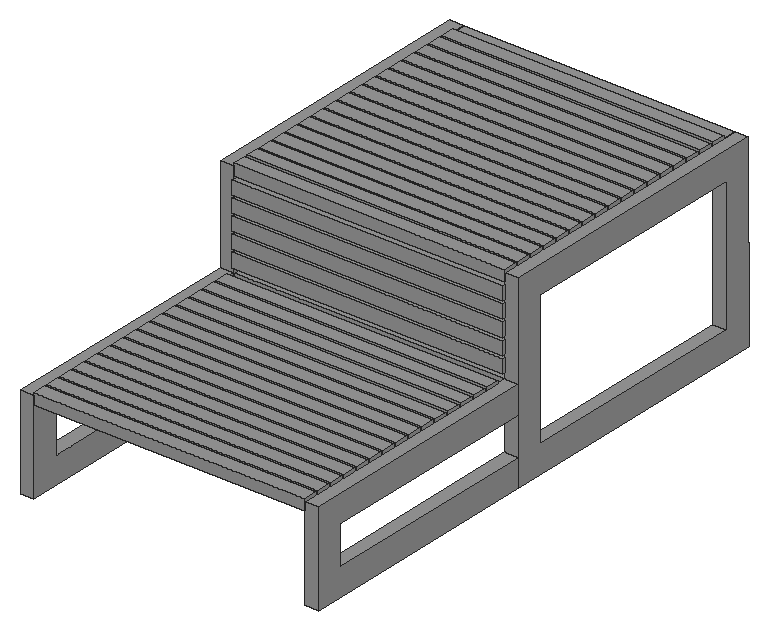
Revit family "Секция-ступень для трибуны 3-х ярусной Арт 30390", category Антураж, Revit 2018
Family settings
  На основе рабочей плоскости = Нет
  Всегда вертикально = Да
  При загрузке вырезать с полостями = Нет
  Источник визуального образа = Геометрия семейства
  Общий = Нет
  Точка расчета площади = Нет
Parameters (values of type "Секция-ступень для трибуны 3-х ярусной")
  Ширина = 1984 mm  # constant formula
  Цвет ступений = Дерево
  Цвет опор = Сталь
  Описание = "Секция-ступень для трибуны 3-х ярусной"  # constant formula
  Материал изделия = "Сталь, дерево"  # constant formula
  Изображение типоразмера = Секция-ступень для трибуны 3-х ярусной Арт 30390.jpg
  Изготовитель = "ООО «Хоббика»"  # constant formula
  Длина = 1100 mm  # constant formula
  Группа модели = "Мобильные и стационарные трибуны"  # constant formula
  Высота = 704 mm  # constant formula
  Артикул товара = "Арт. 30390"  # constant formula
  URL = "https://hobbyka.ru/product/skameyka_sektsiyastupen_dlya_tribuny_3kh_yarusnoy/"
Reference planes
  plane 1 "По центру (Вперед/Назад)": y = 0
  plane 2: z = 0
  plane 3 "По центру (Влево/Вправо)": x = 0
  plane 4: x = 1100
  plane 5: y = 1984
  plane 6: z = 704
Forms (mm)
  Extrusion 1, solid, material "Сталь" <- "Цвет опор"
    sketch origin (0, 0, 0) x (0, 1, 0) y (0, 0, 1)
      loop
        line (1984, 694) -> (924, 694) -> (924, 0) -> (1984, 0) -> (1984, 694)
      loop
        line (1884, 594) -> (1024, 594) -> (1024, 100) -> (1884, 100) -> (1884, 594)
    from 0 to 50
  Extrusion 2, solid, material "Сталь" <- "Цвет опор"
    sketch origin (0, 0, 0) x (0, 1, 0) y (0, 0, 1)
      loop
        line (924, 342) -> (0, 342) -> (0, 0) -> (924, 0) -> (924, 100) -> (100, 100) -> (100, 242) -> (924, 242) -> (924, 342)
    from 0 to 50
  Extrusion 3, solid, material "Сталь" <- "Цвет опор"
    sketch origin (0, 0, 0) x (0, 1, 0) y (0, 0, 1)
      loop
        line (1984, 694) -> (924, 694) -> (924, 0) -> (1984, 0) -> (1984, 694)
      loop
        line (1884, 594) -> (1024, 594) -> (1024, 100) -> (1884, 100) -> (1884, 594)
    from 1050 to 1100
  Extrusion 4, solid, material "Сталь" <- "Цвет опор"
    sketch origin (0, 0, 0) x (0, 1, 0) y (0, 0, 1)
      loop
        line (924, 342) -> (0, 342) -> (0, 0) -> (924, 0) -> (924, 100) -> (100, 100) -> (100, 242) -> (924, 242) -> (924, 342)
    from 1050 to 1100
  Extrusion 5, solid, material "Сталь" <- "Цвет опор"
    sketch origin (0, 0, -10) x (0, 1, 0) y (0, 0, 1)
      loop
        line (1934, 604) -> (1984, 604) -> (1984, 704) -> (1934, 704) -> (1934, 604)
      loop
        line (924, 352) -> (924, 252) -> (974, 252) -> (974, 352) -> (924, 352)
    from 50 to 1050
  Extrusion 6, solid, material "Дерево" <- "Цвет ступений"
    sketch origin (0, 0, 0) x (0, 1, 0) y (0, 0, 1)
      loop
        line (924, 704) -> (924, 664) -> (974, 664) -> (974, 704) -> (924, 704)
      loop
        line (984, 704) -> (984, 664) -> (1034, 664) -> (1034, 704) -> (984, 704)
      loop
        line (1044, 704) -> (1044, 664) -> (1094, 664) -> (1094, 704) -> (1044, 704)
      loop
        line (1104, 704) -> (1104, 664) -> (1154, 664) -> (1154, 704) -> (1104, 704)
      loop
        line (1164, 704) -> (1164, 664) -> (1214, 664) -> (1214, 704) -> (1164, 704)
      loop
        line (1224, 704) -> (1224, 664) -> (1274, 664) -> (1274, 704) -> (1224, 704)
      loop
        line (1284, 704) -> (1284, 664) -> (1334, 664) -> (1334, 704) -> (1284, 704)
      loop
        line (1344, 704) -> (1344, 664) -> (1394, 664) -> (1394, 704) -> (1344, 704)
      loop
        line (1404, 704) -> (1404, 664) -> (1454, 664) -> (1454, 704) -> (1404, 704)
      loop
        line (1464, 704) -> (1464, 664) -> (1514, 664) -> (1514, 704) -> (1464, 704)
      loop
        line (1524, 704) -> (1524, 664) -> (1574, 664) -> (1574, 704) -> (1524, 704)
      loop
        line (1584, 704) -> (1584, 664) -> (1634, 664) -> (1634, 704) -> (1584, 704)
      loop
        line (1644, 704) -> (1644, 664) -> (1694, 664) -> (1694, 704) -> (1644, 704)
      loop
        line (1704, 704) -> (1704, 664) -> (1754, 664) -> (1754, 704) -> (1704, 704)
      loop
        line (1764, 704) -> (1764, 664) -> (1814, 664) -> (1814, 704) -> (1764, 704)
      loop
        line (1824, 704) -> (1824, 664) -> (1874, 664) -> (1874, 704) -> (1824, 704)
      loop
        line (1884, 704) -> (1884, 664) -> (1934, 664) -> (1934, 704) -> (1884, 704)
      loop
        line (0, 352) -> (0, 312) -> (50, 312) -> (50, 352) -> (0, 352)
      loop
        line (60, 352) -> (60, 312) -> (110, 312) -> (110, 352) -> (60, 352)
      loop
        line (120, 352) -> (120, 312) -> (170, 312) -> (170, 352) -> (120, 352)
      loop
        line (180, 352) -> (180, 312) -> (230, 312) -> (230, 352) -> (180, 352)
      loop
        line (240, 352) -> (240, 312) -> (290, 312) -> (290, 352) -> (240, 352)
      loop
        line (300, 352) -> (300, 312) -> (350, 312) -> (350, 352) -> (300, 352)
      loop
        line (360, 352) -> (360, 312) -> (410, 312) -> (410, 352) -> (360, 352)
      loop
        line (420, 352) -> (420, 312) -> (470, 312) -> (470, 352) -> (420, 352)
      loop
        line (480, 352) -> (480, 312) -> (530, 312) -> (530, 352) -> (480, 352)
      loop
        line (540, 352) -> (540, 312) -> (590, 312) -> (590, 352) -> (540, 352)
      loop
        line (600, 352) -> (600, 312) -> (650, 312) -> (650, 352) -> (600, 352)
      loop
        line (660, 352) -> (660, 312) -> (710, 312) -> (710, 352) -> (660, 352)
      loop
        line (720, 352) -> (720, 312) -> (770, 312) -> (770, 352) -> (720, 352)
      loop
        line (780, 352) -> (780, 312) -> (830, 312) -> (830, 352) -> (780, 352)
      loop
        line (840, 352) -> (840, 312) -> (890, 312) -> (890, 352) -> (840, 352)
      loop
        line (914, 604) -> (954, 604) -> (954, 654) -> (914, 654) -> (914, 604)
      loop
        line (914, 544) -> (954, 544) -> (954, 594) -> (914, 594) -> (914, 544)
      loop
        line (914, 484) -> (954, 484) -> (954, 534) -> (914, 534) -> (914, 484)
      loop
        line (914, 424) -> (954, 424) -> (954, 474) -> (914, 474) -> (914, 424)
      loop
        line (914, 364) -> (954, 364) -> (954, 414) -> (914, 414) -> (914, 364)
    from 50 to 1050
Dimensions and locks
  "Ширина": plane 5 to plane 1 "По центру (Вперед/Назад)"
  "Длина": plane 3 "По центру (Влево/Вправо)" to plane 4
  "Высота": plane 6 to plane 2
  Extrusion 5 to Extrusion 1 = 1010 mm
  aligned and locked: level to plane 2
Automatic sketch dimensions
  Extrusion 1 sketch curve to plane 6 = 10 mm
  Extrusion 1 sketch curve to level = 0 mm
  Extrusion 1 sketch curve to plane 5 = 0 mm
  Extrusion 1 sketch curve to plane 5 = 100 mm
  Extrusion 1 sketch curve to plane 6 = 110 mm
  Extrusion 1 sketch curve to Extrusion 1 sketch curve = 860 mm
  Extrusion 1 sketch curve to Extrusion 1 sketch curve = 100 mm
  level to Extrusion 1 sketch curve = 100 mm
  Extrusion 2 sketch curve to plane 1 "По центру (Вперед/Назад)" = 0 mm
  Extrusion 2 sketch curve to level = 0 mm
  Extrusion 2 sketch curve to plane 1 "По центру (Вперед/Назад)" = 100 mm
  level to Extrusion 2 sketch curve = 242 mm
  Extrusion 2 sketch curve to Extrusion 2 sketch curve = 824 mm
  Extrusion 2 sketch curve to Extrusion 2 sketch curve = 0 mm
  level to Extrusion 2 sketch curve = 100 mm
  Extrusion 2 sketch curve to Extrusion 2 sketch curve = 100 mm
  Extrusion 3 sketch curve to plane 6 = 10 mm
  Extrusion 3 sketch curve to level = 0 mm
  Extrusion 3 sketch curve to plane 5 = 0 mm
  Extrusion 3 sketch curve to plane 5 = 100 mm
  Extrusion 3 sketch curve to plane 6 = 110 mm
  Extrusion 3 sketch curve to Extrusion 3 sketch curve = 860 mm
  Extrusion 3 sketch curve to Extrusion 3 sketch curve = 100 mm
  level to Extrusion 3 sketch curve = 100 mm
  Extrusion 4 sketch curve to plane 1 "По центру (Вперед/Назад)" = 0 mm
  Extrusion 4 sketch curve to level = 0 mm
  Extrusion 4 sketch curve to plane 1 "По центру (Вперед/Назад)" = 100 mm
  level to Extrusion 4 sketch curve = 242 mm
  Extrusion 4 sketch curve to Extrusion 4 sketch curve = 824 mm
  Extrusion 4 sketch curve to Extrusion 4 sketch curve = 0 mm
  level to Extrusion 4 sketch curve = 100 mm
  Extrusion 4 sketch curve to Extrusion 4 sketch curve = 100 mm
  Extrusion 5 sketch curve to plane 6 = 10 mm
  Extrusion 5 sketch curve to plane 5 = 0 mm
  Extrusion 5 sketch curve to plane 5 = 50 mm
  level to Extrusion 5 sketch curve = 242 mm
  Extrusion 5 sketch curve to plane 5 = 1010 mm
  Extrusion 5 sketch curve to Extrusion 5 sketch curve = 50 mm
  Extrusion 5 sketch curve to Extrusion 5 sketch curve = 100 mm
  Extrusion 5 sketch curve to plane 6 = 110 mm
  Extrusion 6 sketch curve to plane 1 "По центру (Вперед/Назад)" = 0 mm
  Extrusion 6 sketch curve to plane 6 = 0 mm  (x17)
  Extrusion 6 sketch curve to plane 1 "По центру (Вперед/Назад)" = 50 mm
  Extrusion 6 sketch curve to Extrusion 6 sketch curve = 10 mm  (x36)
  Extrusion 6 sketch curve to Extrusion 6 sketch curve = 50 mm  (x36)
  Extrusion 6 sketch curve to Extrusion 6 sketch curve = 24 mm  (x2)
  Extrusion 6 sketch curve to Extrusion 6 sketch curve = 0 mm  (x43)
  Extrusion 6 sketch curve to Extrusion 6 sketch curve = 40 mm  (x9)
  Extrusion 6 sketch curve to plane 6 = 40 mm
  level to Extrusion 6 sketch curve = 352 mm
  Extrusion 6 sketch curve to Extrusion 6 sketch curve = 12 mm
